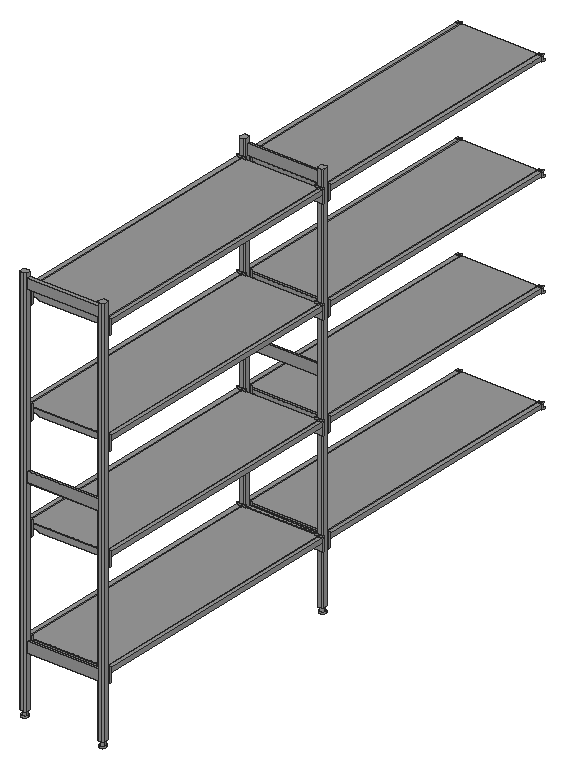
Revit family "QF_ZANUSSI_137066_ACS2372", category Attrezzature speciali, Revit 2020
Family settings
  Quota connettore circolare = Usa diametro
  Tipo di parte = Normale
  Basato su piano di lavoro = No
  Sempre verticale = Sì
  Taglio con vuoti quando caricato = No
  Condiviso = No
  Punto di calcolo locali = No
Parameters (values of type "Standard")
  Weight = 36.00 kg
  Watts = 0 W
  Volts = 0 V
  URL Manufacturer = "http://www.zanussiprofessional.com"
  URL = "http://www.zanussiprofessional.com"
  Steam Supply Size = 0 mm
  Steam Supply Minimum Pressure = 0.0 Pa
  Steam Supply Maximum Pressure = 0.0 Pa
  Steam Consumption per Hour = 0
  Refrigeration Suction Line Size = 0.0 mm
  Refrigeration Liquid Line Size = 0.0 mm
  Refrigerant Compressor Remote = yes
  Prospetto di default = 0.0 mm
  Phase = 0
  Modello = "ACS2372"
  Produttore = "Zanussi"
  Length Actual = 2376.0 mm  # constant formula
  Item Number = "137066"
  Hot Water Size = 0 mm
  Height Actual = 1700.0 mm  # constant formula
  HP = "0 HP"
  Gas Size = 0 mm
  Gas KW = 0
  Gas Input Pressure = 0 W
  Direct Waste Size = 0 mm
  Descrizione = "ALUM.CORNER SHELV.-POLY.TIERS-373X2376MM"
  Depth Actual = 373.0 mm  # constant formula
  Cycle = 0 Hz
  Condensate Return Size = 0 mm
  Compressed Air Volume = 0.0 L/s
  Compressed Air Size = 0 mm
  Compressed Air Pressure = 0.0 Pa
  Cold Water Size = 0 mm
  Accessory = yes
Reference planes
  plane 1: z = 0
  plane 2 "CenterLeft": y = -535.5
  plane 3 "FRONT": y = -921.5
  plane 4 "LEFT": x = 192.5
  plane 5 "RIGHT": x = 565.5
  plane 6 "TOP": z = 1700
  plane 7: y = -889.5
  plane 8: y = 262.5
  plane 9 "Center (Left/Back)": x = 379
  plane 10: x = 205
  plane 11: x = 515
  plane 12 "FEET": z = 25
  plane 13: z = 275
  plane 14: z = 725
  plane 15: z = 1175
  plane 16: z = 1625
  plane 17 "CXLeft": y = -907.5
  plane 18 "Center (Front/Back)": y = 280.5
  plane 19 "CYFront": x = 510
  plane 20: y = 1450.5
  plane 21: y = 298.5
  plane 22 "BACK": y = 1454.5
  plane 23 "LEFT_ORIGIN": x = 158.5
  plane 24 "BACK_ORIGIN": y = 1827.5
Forms (mm)
  Extrusion 1, solid, material "QF_Aluminum"
    sketch origin (38.022, -921.5, -4.006) x (-1, 0, 0) y (0, 0, 1)
      loop
        line (-189.5, 1637.003) -> (-173.5, 1637.003) -> (-173.5, 1655) -> (-175.493, 1655) -> (-175.493, 1648.501) -> (-506.5, 1648.501) -> (-506.5, 1655) -> (-508.5, 1655) -> (-508.5, 1637.003) -> (-492.5, 1637.003) -> (-458.5, 1625) -> (-223.5, 1625) -> (-189.5, 1637.003)
      loop
        line (-189.5, 1187.003) -> (-173.5, 1187.003) -> (-173.5, 1205) -> (-175.493, 1205) -> (-175.493, 1198.501) -> (-506.5, 1198.501) -> (-506.5, 1205) -> (-508.5, 1205) -> (-508.5, 1187.003) -> (-492.5, 1187.003) -> (-458.5, 1175) -> (-223.5, 1175) -> (-189.5, 1187.003)
      loop
        line (-189.5, 737.003) -> (-173.5, 737.003) -> (-173.5, 755) -> (-175.493, 755) -> (-175.493, 748.501) -> (-506.5, 748.501) -> (-506.5, 755) -> (-508.5, 755) -> (-508.5, 737.003) -> (-492.5, 737.003) -> (-458.5, 725) -> (-223.5, 725) -> (-189.5, 737.003)
      loop
        line (-189.5, 287.003) -> (-173.5, 287.003) -> (-173.5, 305) -> (-175.493, 305) -> (-175.493, 298.501) -> (-506.5, 298.501) -> (-506.5, 305) -> (-508.5, 305) -> (-508.5, 287.003) -> (-492.5, 287.003) -> (-458.5, 275) -> (-223.5, 275) -> (-189.5, 287.003)
    from 37 to 32
  Extrusion 2, solid, material "QF_Aluminum"
    sketch origin (38.022, -921.5, 0) x (-1, 0, 0) y (0, 0, 1)
      loop
        line (-154.478, 246.005) -> (-154.478, 307.993) -> (-190.471, 307.993) -> (-190.471, 246.005) -> (-154.478, 246.005)
      loop
        line (-527.478, 246.005) -> (-491.484, 246.005) -> (-491.484, 307.993) -> (-527.478, 307.993) -> (-527.478, 246.005)
      loop
        line (-154.478, 696.005) -> (-154.478, 757.993) -> (-190.471, 757.993) -> (-190.471, 696.005) -> (-154.478, 696.005)
      loop
        line (-527.478, 696.005) -> (-491.484, 696.005) -> (-491.484, 757.993) -> (-527.478, 757.993) -> (-527.478, 696.005)
      loop
        line (-154.478, 1146.005) -> (-154.478, 1207.993) -> (-190.471, 1207.993) -> (-190.471, 1146.005) -> (-154.478, 1146.005)
      loop
        line (-527.478, 1146.005) -> (-491.484, 1146.005) -> (-491.484, 1207.993) -> (-527.478, 1207.993) -> (-527.478, 1146.005)
      loop
        line (-154.478, 1596.005) -> (-154.478, 1657.993) -> (-190.471, 1657.993) -> (-190.471, 1596.005) -> (-154.478, 1596.005)
      loop
        line (-527.478, 1596.005) -> (-491.484, 1596.005) -> (-491.484, 1657.993) -> (-527.478, 1657.993) -> (-527.478, 1596.005)
    from 28 to 32
  Extrusion 3, solid, material "QF_Aluminum"
    sketch origin (38.022, -921.5, 0) x (-1, 0, 0) y (0, 0, 1)
      loop
        line (-154.5, 1650.994) -> (-173.5, 1650.994) -> (-173.5, 1632.998) -> (-154.5, 1632.998) -> (-154.5, 1650.994)
      loop
        line (-154.5, 1200.994) -> (-173.5, 1200.994) -> (-173.5, 1182.998) -> (-154.5, 1182.998) -> (-154.5, 1200.994)
      loop
        line (-154.5, 750.994) -> (-173.5, 750.994) -> (-173.5, 732.998) -> (-154.5, 732.998) -> (-154.5, 750.994)
      loop
        line (-154.5, 300.994) -> (-173.5, 300.994) -> (-173.5, 282.998) -> (-154.5, 282.998) -> (-154.5, 300.994)
      loop
        line (-527.455, 1650.994) -> (-527.455, 1632.998) -> (-508.455, 1632.998) -> (-508.455, 1650.994) -> (-527.455, 1650.994)
      loop
        line (-527.455, 1200.994) -> (-527.455, 1182.998) -> (-508.455, 1182.998) -> (-508.455, 1200.994) -> (-527.455, 1200.994)
      loop
        line (-527.455, 750.994) -> (-527.455, 732.998) -> (-508.455, 732.998) -> (-508.455, 750.994) -> (-527.455, 750.994)
      loop
        line (-527.455, 300.994) -> (-527.455, 282.998) -> (-508.455, 282.998) -> (-508.455, 300.994) -> (-527.455, 300.994)
    from 32 to 1184
  Extrusion 4, solid, material "QF_Polyethylene"
    sketch origin (38.022, -921.5, 0) x (-1, 0, 0) y (0, 0, 1)
      loop
        line (-175.493, 1650.994) -> (-506.5, 1650.994) -> (-506.5, 1644.496) -> (-175.493, 1644.496) -> (-175.493, 1650.994)
      loop
        line (-175.493, 1200.994) -> (-506.5, 1200.994) -> (-506.5, 1194.496) -> (-175.493, 1194.496) -> (-175.493, 1200.994)
      loop
        line (-175.493, 750.994) -> (-506.5, 750.994) -> (-506.5, 744.496) -> (-175.493, 744.496) -> (-175.493, 750.994)
      loop
        line (-175.493, 300.994) -> (-506.5, 300.994) -> (-506.5, 294.496) -> (-175.493, 294.496) -> (-175.493, 300.994)
    from 32 to 1184
  Extrusion 5, solid, material "QF_Aluminum"
    sketch origin (38.022, 684.5, 0) x (-1, 0, 0) y (0, 0, 1)
      loop
        line (-154.5, 1650.994) -> (-173.5, 1650.994) -> (-173.5, 1632.998) -> (-154.5, 1632.998) -> (-154.5, 1650.994)
      loop
        line (-508.5, 1650.994) -> (-527.455, 1650.994) -> (-527.455, 1632.998) -> (-508.5, 1632.998) -> (-508.5, 1650.994)
      loop
        line (-154.5, 1200.994) -> (-173.5, 1200.994) -> (-173.5, 1182.998) -> (-154.5, 1182.998) -> (-154.5, 1200.994)
      loop
        line (-508.5, 1200.994) -> (-527.455, 1200.994) -> (-527.455, 1182.998) -> (-508.5, 1182.998) -> (-508.5, 1200.994)
      loop
        line (-154.5, 750.994) -> (-173.5, 750.994) -> (-173.5, 732.998) -> (-154.5, 732.998) -> (-154.5, 750.994)
      loop
        line (-508.5, 750.994) -> (-527.455, 750.994) -> (-527.455, 732.998) -> (-508.5, 732.998) -> (-508.5, 750.994)
      loop
        line (-154.5, 300.994) -> (-173.5, 300.994) -> (-173.5, 282.998) -> (-154.5, 282.998) -> (-154.5, 300.994)
      loop
        line (-508.5, 300.994) -> (-527.455, 300.994) -> (-527.455, 282.998) -> (-508.5, 282.998) -> (-508.5, 300.994)
    from 766 to -386
  Extrusion 6, solid, material "QF_Polyethylene"
    sketch origin (38.022, 684.5, 0) x (-1, 0, 0) y (0, 0, 1)
      loop
        line (-175.493, 1650.994) -> (-506.5, 1650.994) -> (-506.5, 1644.496) -> (-175.493, 1644.496) -> (-175.493, 1650.994)
      loop
        line (-175.493, 1200.994) -> (-506.5, 1200.994) -> (-506.5, 1194.496) -> (-175.493, 1194.496) -> (-175.493, 1200.994)
      loop
        line (-175.493, 750.994) -> (-506.5, 750.994) -> (-506.5, 744.496) -> (-175.493, 744.496) -> (-175.493, 750.994)
      loop
        line (-175.493, 300.994) -> (-506.5, 300.994) -> (-506.5, 294.496) -> (-175.493, 294.496) -> (-175.493, 300.994)
    from 766 to -386
Lines and regions (mm)
  symbolic lines
    curve 1: line (205, -912.5, 1700) -> (515, -912.5, 1700)
    curve 2: line (515, -902.5, 1700) -> (205, -902.5, 1700)
    curve 3: line (192.5, -893.5, 1700) -> (192.5, 266.5, 1700)
    curve 4: line (565.5, -889.5, 1700) -> (565.5, 262.5, 1700)
    curve 5: line (192.5, 294.5, 1700) -> (192.5, 1454.5, 1700)
    curve 6: line (565.5, 294.5, 1700) -> (565.5, 1454.5, 1700)
    curve 7: line (211.522, 1450.5, 1700) -> (510.507, 1450.5, 1700)
    curve 8: line (211.522, 262.5, 1700) -> (510.507, 262.5, 1700)
    curve 9: line (510.507, 298.5, 1700) -> (211.522, 298.5, 1700)
    curve 10: line (211.522, -889.5, 1700) -> (510.507, -889.5, 1700)
    curve 11: line (211.522, -889.5, 1700) -> (211.522, 262.5, 1700)
    curve 12: line (546.478, 262.5, 1700) -> (546.478, -889.5, 1700)
    curve 13: line (211.522, 298.5, 1700) -> (211.522, 1450.5, 1700)
    curve 14: line (546.522, 652.5, 1700) -> (546.522, -145.5, 1700)
Dimensions and locks
  plane 3 "FRONT" to plane 2 "CenterLeft" = 386.0 mm
  locked: plane 6 "TOP" to level at 1700
  locked: plane 7 to plane 8 at 1152
  locked: plane 10 to plane 11 at 310
  plane 10 to plane 9 "Center (Left/Back)" to plane 11 = 174.0 mm, 136.0 mm
  equal spacing: plane 4 "LEFT", plane 9 "Center (Left/Back)", plane 5 "RIGHT"
  plane 12 "FEET" to level = 25.0 mm
  plane 6 "TOP" to plane 12 "FEET" = 1675.0 mm
  plane 13 to plane 12 "FEET" = 250.0 mm
  plane 14 to plane 13 = 450.0 mm
  plane 15 to plane 14 = 450.0 mm
  plane 16 to plane 15 = 450.0 mm
  plane 19 "CYFront" to Extrusion 1 sketch curve = 34.522 mm
  locked: plane 21 to plane 20 at 1152
  locked: plane 8 to plane 18 "Center (Front/Back)" at 18
  locked: plane 18 "Center (Front/Back)" to plane 21 at 18
  locked: plane 3 "FRONT" to plane 7 at 32
  locked: plane 4 "LEFT" to plane 5 "RIGHT" at 373
  locked: plane 23 "LEFT_ORIGIN" to plane 5 "RIGHT" at 407
  locked: plane 22 "BACK" to plane 24 "BACK_ORIGIN" at 373
  locked: plane 22 "BACK" to plane 3 "FRONT" at 2376
  aligned and locked: level to plane 1
  aligned and locked: Extrusion 1 to plane 7
  aligned and locked: plane 7 to Extrusion 2
  aligned and locked: Extrusion 4 to plane 7
  aligned and locked: plane 8 to Extrusion 4
  aligned and locked: Extrusion 3 to plane 7
  aligned and locked: plane 8 to Extrusion 3
  aligned and locked: Extrusion 1 sketch curve to Extrusion 1 sketch curve  (x3)
  aligned and locked: Extrusion 4 sketch curve to Extrusion 1  (x4)
  aligned and locked: Extrusion 5 sketch curve to Extrusion 5 sketch curve  (x2)
  aligned and locked: Extrusion 5 to plane 21  (x5)
  aligned and locked: Extrusion 6 to plane 21  (x5)
  aligned and locked: nested 2 to plane 18 "Center (Front/Back)"
  aligned and locked: nested 1 to plane 17 "CXLeft"
  aligned and locked: plane 7 to Extrusion 3  (x3)
  aligned and locked: Extrusion 3 to plane 8  (x4)
  aligned and locked: Extrusion 4 to plane 8  (x4)
  aligned and locked: plane 20 to Extrusion 5
  aligned and locked: plane 20 to Extrusion 6
  aligned and locked: Extrusion 5 to plane 20  (x3)
  aligned and locked: Extrusion 6 to plane 20  (x3)
  aligned and locked: plane 9 "Center (Left/Back)" to nested 2
  aligned and locked: nested 3 to plane 22 "BACK"
Automatic sketch dimensions
  curve 1 to plane 10 = 0.0 mm
  curve 1 to plane 11 = 0.0 mm
  curve 2 to plane 10 = 0.0 mm
  curve 2 to plane 11 = 0.0 mm
  curve 3 to plane 4 "LEFT" = 0.0 mm
  plane 7 to curve 10 = 0.0 mm
  curve 4 to plane 5 "RIGHT" = 0.0 mm
  plane 7 to curve 4 = 0.0 mm
  plane 8 to curve 8 = 0.0 mm
  plane 8 to curve 4 = 0.0 mm
  curve 6 to plane 5 "RIGHT" = 0.0 mm
  curve 5 to plane 4 "LEFT" = 0.0 mm
  curve 9 to plane 21 = 0.0 mm
  plane 20 to curve 7 = 0.0 mm
  plane 7 to curve 3 = 4.0 mm
  plane 17 "CXLeft" to curve 2 = 5.0 mm
  curve 1 to plane 17 "CXLeft" = 5.0 mm
  curve 3 to plane 8 = 4.0 mm
  curve 6 to plane 21 = 4.0 mm
  curve 5 to plane 21 = 4.0 mm
  curve 6 to plane 20 = 4.0 mm
  curve 5 to plane 20 = 4.0 mm
  plane 11 to curve 10 = 4.493 mm
  plane 11 to curve 9 = 4.493 mm
  plane 11 to curve 8 = 4.493 mm
  plane 11 to curve 7 = 4.493 mm
  curve 8 to plane 10 = 6.522 mm
  curve 7 to plane 10 = 6.522 mm
  Extrusion 1 sketch curve to plane 19 "CYFront" = 36.522 mm  (x4)
  Extrusion 1 sketch curve to plane 11 = 15.522 mm  (x4)
  Extrusion 1 sketch curve to plane 13 = 4.006 mm
  Extrusion 1 sketch curve to Extrusion 1 sketch curve = 34.0 mm  (x4)
  Extrusion 1 sketch curve to plane 14 = 4.006 mm
  Extrusion 1 sketch curve to plane 15 = 4.006 mm
  Extrusion 1 sketch curve to plane 16 = 4.006 mm
  Extrusion 1 sketch curve to plane 10 = 56.522 mm  (x4)
  Extrusion 1 sketch curve to plane 10 = 22.522 mm  (x4)
  plane 13 to Extrusion 1 sketch curve = 7.998 mm  (x2)
  Extrusion 1 sketch curve to Extrusion 1 sketch curve = 11.498 mm  (x4)
  Extrusion 1 sketch curve to Extrusion 1 sketch curve = 6.499 mm  (x8)
  plane 14 to Extrusion 1 sketch curve = 7.998 mm  (x2)
  plane 15 to Extrusion 1 sketch curve = 7.998 mm  (x2)
  plane 16 to Extrusion 1 sketch curve = 7.998 mm  (x2)
  Extrusion 2 sketch curve to plane 5 "RIGHT" = 0.0 mm  (x4)
  Extrusion 2 sketch curve to plane 4 "LEFT" = 0.0 mm  (x4)
  Extrusion 2 sketch curve to plane 11 = 14.507 mm  (x4)
  Extrusion 2 sketch curve to plane 10 = 23.493 mm  (x4)
  Extrusion 2 sketch curve to plane 13 = 28.995 mm  (x2)
  plane 13 to Extrusion 2 sketch curve = 32.993 mm  (x2)
  Extrusion 2 sketch curve to plane 14 = 28.995 mm  (x2)
  plane 14 to Extrusion 2 sketch curve = 32.993 mm  (x2)
  Extrusion 2 sketch curve to plane 15 = 28.995 mm  (x2)
  plane 15 to Extrusion 2 sketch curve = 32.993 mm  (x2)
  Extrusion 2 sketch curve to plane 16 = 28.995 mm  (x2)
  plane 16 to Extrusion 2 sketch curve = 32.993 mm  (x2)
  plane 13 to Extrusion 4 sketch curve = 19.496 mm
  Extrusion 4 sketch curve to Extrusion 4 sketch curve = 6.499 mm  (x4)
  plane 14 to Extrusion 4 sketch curve = 19.496 mm
  plane 15 to Extrusion 4 sketch curve = 19.496 mm
  plane 16 to Extrusion 4 sketch curve = 19.496 mm
  plane 5 "RIGHT" to Extrusion 5 sketch curve = 0.022 mm  (x4)
  Extrusion 5 sketch curve to plane 4 "LEFT" = 19.022 mm  (x4)
  Extrusion 5 sketch curve to plane 19 "CYFront" = 36.522 mm  (x2)
  plane 13 to Extrusion 5 sketch curve = 7.998 mm  (x2)
  Extrusion 5 sketch curve to Extrusion 5 sketch curve = 17.997 mm  (x8)
  plane 14 to Extrusion 5 sketch curve = 7.998 mm  (x2)
  plane 15 to Extrusion 5 sketch curve = 7.998 mm  (x2)
  plane 16 to Extrusion 5 sketch curve = 7.998 mm  (x2)
  Extrusion 6 sketch curve to plane 19 "CYFront" = 34.522 mm  (x4)
  plane 13 to Extrusion 6 sketch curve = 19.496 mm
  Extrusion 6 sketch curve to Extrusion 6 sketch curve = 6.499 mm  (x4)
  plane 14 to Extrusion 6 sketch curve = 19.496 mm
  plane 15 to Extrusion 6 sketch curve = 19.496 mm
  plane 16 to Extrusion 6 sketch curve = 19.496 mm
  plane 5 "RIGHT" to Extrusion 3 sketch curve = 0.022 mm  (x4)
  Extrusion 3 sketch curve to Extrusion 3 sketch curve = 19.0 mm  (x4)
  plane 14 to Extrusion 3 sketch curve = 7.998 mm  (x2)
  Extrusion 3 sketch curve to plane 10 = 6.522 mm  (x4)
  Extrusion 3 sketch curve to plane 4 "LEFT" = 0.022 mm  (x4)
  plane 13 to Extrusion 3 sketch curve = 25.994 mm  (x2)
  plane 13 to Extrusion 3 sketch curve = 7.998 mm  (x2)
  Extrusion 3 sketch curve to Extrusion 3 sketch curve = 17.997 mm  (x6)
  plane 15 to Extrusion 3 sketch curve = 7.998 mm  (x2)
  plane 16 to Extrusion 3 sketch curve = 7.998 mm  (x2)
  plane 7 to curve 12 = 0.0 mm
  plane 8 to curve 12 = 0.0 mm
  curve 4 to curve 12 = 19.022 mm
  Extrusion 1 sketch curve to plane 10 = 8.516 mm  (x4)
  Extrusion 1 sketch curve to plane 10 = 6.522 mm  (x2)
  Extrusion 1 sketch curve to Extrusion 1 sketch curve = 1.993 mm  (x2)
  Extrusion 4 sketch curve to plane 10 = 8.516 mm  (x4)
  Extrusion 5 sketch curve to plane 4 "LEFT" = 0.022 mm  (x4)
  Extrusion 6 sketch curve to plane 10 = 8.516 mm  (x4)
Nested families
  nested 1: "WT_Anta373" at (215.5, -504.5, 0) x (0, 1, 0) z (0, 0, 1), type "WT_Anta373"
  nested 2: "WT_Anta373Center" at (215.5, 683.5, 0) x (0, 1, 0) z (0, 0, 1), type "WT_Anta373Center"
  nested 3: "WT_Aggancio373" at (215.5, 1862.5, 0) x (0, 1, 0) z (0, 0, 1), type "WT_Aggancio373"
Definition of nested family "WT_Anta373"
  Parameters
    WidthLeft = A + 64.0 mm  # 772.0 mm
    Width = 1606.0 mm
    Right = WidthLeft / 2  # 386.0 mm
    Default Elevation = 0.0 mm
    Left = -WidthLeft / 2  # -386.0 mm
    Height = 1725.0 mm
    FEET = 25.0 mm
    E = 0.0 mm
    Dint = Depth - 63.0 mm  # 310.0 mm
    Dext = Depth - 8.0 mm  # 365.0 mm
    Depth = 373.0 mm
    DX = (WidthLeft - A) / 2  # 32.0 mm
    B = 798.0 mm
    A = 708.0 mm
  Reference planes
    plane 1: z = 0
    plane 2 "LEFT": x = -417
    plane 3 "BACK": y = 23
    plane 4 "FRONT": y = -350
    plane 5 "TOP": z = 1725
    plane 6 "Center (Front/Back)": y = -163.5
    plane 7: y = -8.5
    plane 8: y = -318.5
    plane 9 "FEET": z = 25
    plane 10: z = 275
    plane 11: z = 725
    plane 12: z = 1175
    plane 13: z = 1625
    plane 14 "CXLeft": x = -403
    plane 15: y = 5.5
    plane 16 "CYBack": y = 5.5
    plane 17 "CYFront": y = -332.5
    plane 18: x = -385.031
    plane 19: x = -380.031
  Forms (mm)
    Extrusion 1, solid
      sketch origin (0, 0, 0) x (1, 0, 0) y (0, 1, 0)
        loop
          line (-417, 13.246) -> (-417, -2.246) -> (-410.746, -8.5) -> (-395.254, -8.5) -> (-389, -2.246) -> (-389, 13.246) -> (-395.254, 19.5) -> (-410.746, 19.5) -> (-417, 13.246)
      from 1725 to 25
    Extrusion 2, solid
      sketch origin (-417, 0, 0) x (0, 1, 0) y (0, 0, 1)
        loop
          line (23, 246.005) -> (23, 307.993) -> (-12.993, 307.993) -> (-12.993, 246.005) -> (23, 246.005)
        loop
          line (-350, 246.005) -> (-314.007, 246.005) -> (-314.007, 307.993) -> (-350, 307.993) -> (-350, 246.005)
        loop
          line (23, 696.005) -> (23, 757.993) -> (-12.993, 757.993) -> (-12.993, 696.005) -> (23, 696.005)
        loop
          line (-350, 696.005) -> (-314.007, 696.005) -> (-314.007, 757.993) -> (-350, 757.993) -> (-350, 696.005)
        loop
          line (23, 1146.005) -> (23, 1207.993) -> (-12.993, 1207.993) -> (-12.993, 1146.005) -> (23, 1146.005)
        loop
          line (-350, 1146.005) -> (-314.007, 1146.005) -> (-314.007, 1207.993) -> (-350, 1207.993) -> (-350, 1146.005)
        loop
          line (23, 1596.005) -> (23, 1657.993) -> (-12.993, 1657.993) -> (-12.993, 1596.005) -> (23, 1596.005)
        loop
          line (-350, 1596.005) -> (-314.007, 1596.005) -> (-314.007, 1657.993) -> (-350, 1657.993) -> (-350, 1596.005)
      from 28 to 32
    Revolve 3, solid
      sketch origin (-403, 0, 0) x (0, 1, 0) y (0, 0, 1)
        loop
          line (5.5, 25) -> (5.5, 0) -> (19, 0) -> (19, 5) -> (14, 5) -> (14, 25) -> (5.5, 25)
        axis (5.5, 25) -> (5.5, 0)
      angle from 0 to 360
    Extrusion 4, solid
      sketch origin (-403, 0, 0) x (0, 1, 0) y (0, 0, 1)
        loop
          line (-8.5, 912.382) -> (-8.5, 957.374) -> (-318.5, 957.374) -> (-318.5, 912.382) -> (-8.5, 912.382)
        loop
          line (-8.5, 1662.244) -> (-8.5, 1707.236) -> (-318.5, 1707.236) -> (-318.5, 1662.244) -> (-8.5, 1662.244)
      from -5 to 5
    Revolve 5, solid
      sketch origin (-403, -627, 0) x (0, -1, 0) y (0, 0, 1)
        loop
          line (-294.5, 25) -> (-294.5, 0) -> (-281, 0) -> (-281, 5) -> (-286, 5) -> (-286, 25) -> (-294.5, 25)
        axis (-294.5, 25) -> (-294.5, 0)
      angle from 0 to 360
    Extrusion 6, solid
      sketch origin (0, -627, 0) x (1, 0, 0) y (0, 1, 0)
        loop
          line (-417, 286.754) -> (-410.746, 280.5) -> (-395.254, 280.5) -> (-389, 286.754) -> (-389, 302.246) -> (-395.254, 308.5) -> (-410.746, 308.5) -> (-417, 302.246) -> (-417, 286.754)
      from 1725 to 25
    Extrusion 7, solid
      sketch origin (-417.031, -0.022, 0) x (0, 1, 0) y (0, 0, -1)
        loop
          line (-12, -1632.998) -> (-46, -1620.994) -> (-281, -1620.994) -> (-315, -1632.998) -> (-331, -1632.998) -> (-331, -1650.994) -> (-329, -1650.994) -> (-329, -1644.496) -> (2.007, -1644.496) -> (2.007, -1650.994) -> (4, -1650.994) -> (4, -1632.998) -> (-12, -1632.998)
        loop
          line (-12, -1182.998) -> (-46, -1170.994) -> (-281, -1170.994) -> (-315, -1182.998) -> (-331, -1182.998) -> (-331, -1200.994) -> (-329, -1200.994) -> (-329, -1194.496) -> (2.007, -1194.496) -> (2.007, -1200.994) -> (4, -1200.994) -> (4, -1182.998) -> (-12, -1182.998)
        loop
          line (-12, -732.998) -> (-46, -720.994) -> (-281, -720.994) -> (-315, -732.998) -> (-331, -732.998) -> (-331, -750.994) -> (-329, -750.994) -> (-329, -744.496) -> (2.007, -744.496) -> (2.007, -750.994) -> (4, -750.994) -> (4, -732.998) -> (-12, -732.998)
        loop
          line (-12, -282.998) -> (-46, -270.994) -> (-281, -270.994) -> (-315, -282.998) -> (-331, -282.998) -> (-331, -300.994) -> (-329, -300.994) -> (-329, -294.496) -> (2.007, -294.496) -> (2.007, -300.994) -> (4, -300.994) -> (4, -282.998) -> (-12, -282.998)
      from -32 to -37
    Extrusion 8, solid
      sketch origin (-403, 0, -659.878) x (0, 1, 0) y (0, 0, 1)
        loop
          line (-8.5, 912.382) -> (-8.5, 957.374) -> (-318.5, 957.374) -> (-318.5, 912.382) -> (-8.5, 912.382)
        loop
          line (-8.5, 1572.382) -> (-8.5, 1617.374) -> (-318.5, 1617.374) -> (-318.5, 1572.382) -> (-8.5, 1572.382)
        loop
          line (-8.5, 2322.382) -> (-8.5, 2367.374) -> (-318.5, 2367.374) -> (-318.5, 2322.382) -> (-8.5, 2322.382)
      from -5 to 5
  Lines and regions (mm)
    symbolic lines
      curve 1: line (-408, -8.5, 1725) -> (-408, -318.5, 1725)
      curve 2: line (-398, -318.5, 1725) -> (-398, -8.5, 1725)
      curve 3: line (-395.254, -8.5, 1725) -> (-410.746, -8.5, 1725)
      curve 4: line (-417, -2.246, 1725) -> (-410.746, -8.5, 1725)
      curve 5: line (-417, 13.246, 1725) -> (-417, -2.246, 1725)
      curve 6: line (-410.746, 19.5, 1725) -> (-417, 13.246, 1725)
      curve 7: line (-395.254, 19.5, 1725) -> (-410.746, 19.5, 1725)
      curve 8: line (-389, 13.246, 1725) -> (-395.254, 19.5, 1725)
      curve 9: line (-395.254, -8.5, 1725) -> (-389, -2.246, 1725)
      curve 10: line (-395.254, -318.5, 1725) -> (-410.746, -318.5, 1725)
      curve 11: line (-417, -324.754, 1725) -> (-410.746, -318.5, 1725)
      curve 12: line (-410.746, -346.5, 1725) -> (-417, -340.246, 1725)
      curve 13: line (-395.254, -346.5, 1725) -> (-410.746, -346.5, 1725)
      curve 14: line (-389, -340.246, 1725) -> (-395.254, -346.5, 1725)
      curve 15: line (-395.254, -318.5, 1725) -> (-389, -324.754, 1725)
      curve 16: line (-389, -350, 1725) -> (-389, -314.007, 1725)
      curve 17: line (-389, -314.007, 1725) -> (-385, -314.007, 1725)
      curve 18: line (-389, 23, 1725) -> (-389, -12.993, 1725)
      curve 19: line (-389, -12.993, 1725) -> (-385, -12.993, 1725)
      curve 20: line (-417, -324.754, 1725) -> (-417, -340.246, 1725)
      curve 21: line (-385, -350, 1725) -> (-385, -314.007, 1725)
      curve 22: line (-385, -350, 1725) -> (-389, -350, 1725)
      curve 23: line (-385, 23, 1725) -> (-389, 23, 1725)
      curve 24: line (-385, -12.993, 1725) -> (-385, 23, 1725)
      curve 25: line (-385.031, -13.016, 1725) -> (-385.031, -314.029, 1725)
  Dimensions and locks
    "Height": plane 5 "TOP" to level
    "Depth": plane 3 "BACK" to plane 4 "FRONT"
    "Dint": plane 7 to plane 8
    equal spacing: plane 7, plane 6 "Center (Front/Back)", plane 8
    equal spacing: plane 3 "BACK", plane 6 "Center (Front/Back)", plane 4 "FRONT"
    plane 9 "FEET" to level = 25.0 mm
    plane 5 "TOP" to plane 9 "FEET" = 1700.0 mm
    plane 10 to plane 9 "FEET" = 250.0 mm
    plane 11 to plane 10 = 450.0 mm
    plane 12 to plane 11 = 450.0 mm
    plane 13 to plane 12 = 450.0 mm
    locked: plane 2 "LEFT" to plane 14 "CXLeft" at 14
    locked: plane 3 "BACK" to plane 16 "CYBack" at 17.5
    locked: plane 17 "CYFront" to plane 4 "FRONT" at 17.5
    locked: Revolve 3 sketch curve to Revolve 3 sketch curve at 8.5
    locked: Revolve 3 sketch curve to plane 16 "CYBack" at 13.5
    locked: Revolve 5 sketch curve to Revolve 5 sketch curve at 8.5
    aligned and locked: level to plane 1
    aligned and locked: curve 20 to Extrusion 6
    aligned and locked: plane 5 "TOP" to Extrusion 1
    aligned and locked: plane 5 "TOP" to Extrusion 6
    aligned and locked: Extrusion 7 sketch curve to Extrusion 7 sketch curve  (x3)
  Automatic sketch dimensions
    curve 16 to plane 4 "FRONT" = 0.0 mm
    curve 11 to plane 8 = 0.0 mm
    curve 9 to plane 7 = 0.0 mm
    curve 5 to plane 2 "LEFT" = 0.0 mm
    curve 23 to plane 3 "BACK" = 0.0 mm
    plane 4 "FRONT" to curve 13 = 3.5 mm
    curve 20 to plane 17 "CYFront" = 7.746 mm
    curve 20 to plane 8 = 6.254 mm
    plane 8 to curve 16 = 4.493 mm
    curve 24 to plane 18 = 0.031 mm
    curve 24 to plane 7 = 4.493 mm
    plane 7 to curve 5 = 6.254 mm
    curve 5 to plane 15 = 7.746 mm
    curve 6 to plane 3 "BACK" = 3.5 mm
    curve 21 to plane 18 = 0.031 mm
    plane 18 to curve 23 = 3.969 mm
    plane 18 to curve 16 = 3.969 mm
    curve 18 to curve 8 = 6.254 mm
    curve 18 to curve 3 = 6.254 mm
    curve 16 to curve 13 = 6.254 mm
    curve 16 to curve 15 = 6.254 mm
    plane 2 "LEFT" to curve 10 = 6.254 mm
    plane 2 "LEFT" to curve 7 = 6.254 mm
    plane 2 "LEFT" to curve 12 = 6.254 mm
    plane 2 "LEFT" to curve 3 = 6.254 mm
    curve 14 to plane 17 "CYFront" = 7.746 mm
    curve 15 to plane 8 = 6.254 mm
    plane 7 to curve 9 = 6.254 mm
    curve 8 to plane 15 = 7.746 mm
    curve 3 to curve 2 = 2.746 mm
    curve 1 to curve 10 = 2.746 mm
    Extrusion 1 sketch curve to plane 2 "LEFT" = 0.0 mm
    Extrusion 1 sketch curve to plane 7 = 0.0 mm
    plane 2 "LEFT" to Extrusion 1 sketch curve = 6.254 mm  (x2)
    plane 14 "CXLeft" to Extrusion 1 sketch curve = 7.746 mm  (x2)
    Extrusion 1 sketch curve to plane 3 "BACK" = 3.5 mm
    plane 18 to Extrusion 1 sketch curve = 3.969 mm
    plane 7 to Extrusion 1 sketch curve = 6.254 mm  (x2)
    Extrusion 1 sketch curve to plane 15 = 7.746 mm  (x2)
    Extrusion 2 sketch curve to plane 4 "FRONT" = 0.0 mm  (x4)
    Extrusion 2 sketch curve to plane 3 "BACK" = 0.0 mm  (x4)
    plane 8 to Extrusion 2 sketch curve = 4.493 mm  (x4)
    Extrusion 2 sketch curve to plane 7 = 4.493 mm  (x4)
    Extrusion 2 sketch curve to plane 10 = 28.995 mm  (x2)
    plane 10 to Extrusion 2 sketch curve = 32.993 mm  (x2)
    Extrusion 2 sketch curve to plane 11 = 28.995 mm  (x2)
    plane 11 to Extrusion 2 sketch curve = 32.993 mm  (x2)
    Extrusion 2 sketch curve to plane 12 = 28.995 mm  (x2)
    plane 12 to Extrusion 2 sketch curve = 32.993 mm  (x2)
    Extrusion 2 sketch curve to plane 13 = 28.995 mm  (x2)
    plane 13 to Extrusion 2 sketch curve = 32.993 mm  (x2)
    Revolve 3 sketch curve to plane 9 "FEET" = 0.0 mm  (x2)
    Revolve 3 sketch curve to plane 15 = 0.0 mm  (x2)
    Revolve 3 sketch curve to level = 0.0 mm
    level to Revolve 3 sketch curve = 5.0 mm
    Revolve 3 sketch curve to Revolve 3 sketch curve = 11.655 mm
    Extrusion 4 sketch curve to plane 8 = 0.0 mm  (x2)
    Extrusion 4 sketch curve to plane 7 = 0.0 mm  (x2)
    plane 11 to Extrusion 4 sketch curve = 187.382 mm
    Extrusion 4 sketch curve to Extrusion 4 sketch curve = 44.992 mm
    plane 13 to Extrusion 4 sketch curve = 37.244 mm
    Extrusion 4 sketch curve to plane 5 "TOP" = 17.764 mm
    Revolve 5 sketch curve to plane 9 "FEET" = 0.0 mm  (x2)
    Revolve 5 sketch curve to plane 17 "CYFront" = 0.0 mm  (x2)
    Revolve 5 sketch curve to level = 0.0 mm
    Revolve 5 sketch curve to plane 4 "FRONT" = 4.0 mm
    Revolve 5 sketch curve to Revolve 5 sketch curve = 5.0 mm
    level to Revolve 5 sketch curve = 11.655 mm
    Extrusion 6 sketch curve to plane 2 "LEFT" = 0.0 mm
    Extrusion 6 sketch curve to plane 8 = 0.0 mm
    Extrusion 6 sketch curve to plane 2 "LEFT" = 6.254 mm  (x2)
    Extrusion 6 sketch curve to plane 14 "CXLeft" = 7.746 mm  (x2)
    Extrusion 6 sketch curve to plane 4 "FRONT" = 3.5 mm
    Extrusion 6 sketch curve to plane 18 = 3.969 mm
    plane 8 to Extrusion 6 sketch curve = 6.254 mm  (x2)
    plane 17 "CYFront" to Extrusion 6 sketch curve = 7.746 mm  (x2)
    plane 17 "CYFront" to Extrusion 7 sketch curve = 1.478 mm  (x4)
    Extrusion 7 sketch curve to Extrusion 7 sketch curve = 2.0 mm
    plane 8 to Extrusion 7 sketch curve = 3.478 mm  (x4)
    Extrusion 7 sketch curve to plane 10 = 4.006 mm
    Extrusion 7 sketch curve to Extrusion 7 sketch curve = 34.0 mm  (x4)
    Extrusion 7 sketch curve to plane 11 = 4.006 mm
    Extrusion 7 sketch curve to plane 12 = 4.006 mm
    Extrusion 7 sketch curve to plane 13 = 4.006 mm
    Extrusion 7 sketch curve to plane 7 = 37.522 mm  (x4)
    Extrusion 7 sketch curve to plane 7 = 3.522 mm  (x4)
    plane 15 to Extrusion 7 sketch curve = 3.516 mm  (x4)
    plane 15 to Extrusion 7 sketch curve = 1.522 mm  (x4)
    plane 13 to Extrusion 7 sketch curve = 7.998 mm  (x2)
    Extrusion 7 sketch curve to Extrusion 7 sketch curve = 11.498 mm
    Extrusion 7 sketch curve to Extrusion 7 sketch curve = 6.499 mm  (x5)
    plane 12 to Extrusion 7 sketch curve = 25.994 mm  (x2)
    plane 12 to Extrusion 7 sketch curve = 7.998 mm  (x2)
    plane 11 to Extrusion 7 sketch curve = 25.994 mm  (x2)
    plane 11 to Extrusion 7 sketch curve = 7.998 mm  (x2)
    plane 10 to Extrusion 7 sketch curve = 25.994 mm  (x2)
    plane 10 to Extrusion 7 sketch curve = 7.998 mm  (x2)
    curve 25 to plane 18 = 0.0 mm
    plane 8 to curve 25 = 4.471 mm
    curve 25 to plane 7 = 4.516 mm
    Extrusion 8 sketch curve to plane 8 = 0.0 mm  (x3)
    Extrusion 8 sketch curve to plane 7 = 0.0 mm  (x3)
    Extrusion 8 sketch curve to plane 10 = 22.496 mm
    plane 10 to Extrusion 8 sketch curve = 22.496 mm
    plane 11 to Extrusion 8 sketch curve = 187.504 mm
    Extrusion 8 sketch curve to Extrusion 8 sketch curve = 44.992 mm
    plane 13 to Extrusion 8 sketch curve = 37.504 mm
    Extrusion 8 sketch curve to plane 5 "TOP" = 17.504 mm
Definition of nested family "WT_Anta373Center"
  Parameters
    WidthLeft = A + 64.0 mm  # 772.0 mm
    Width = 1606.0 mm
    Right = WidthLeft / 2  # 386.0 mm
    Default Elevation = 0.0 mm
    Left = -WidthLeft / 2  # -386.0 mm
    Height = 1725.0 mm
    FEET = 25.0 mm
    E = 0.0 mm
    Dint = Depth - 63.0 mm  # 310.0 mm
    Dext = Depth - 8.0 mm  # 365.0 mm
    Depth = 373.0 mm
    DX = (WidthLeft - A) / 2  # 32.0 mm
    B = 798.0 mm
    A = 708.0 mm
  Reference planes
    plane 1: z = 0
    plane 2 "L": x = -417
    plane 3 "BACK": y = 23
    plane 4 "FRONT": y = -350
    plane 5 "TOP": z = 1725
    plane 6 "Center (Front/Back)": y = -163.5
    plane 7: y = -8.5
    plane 8: y = -318.5
    plane 9 "FEET": z = 25
    plane 10: z = 275
    plane 11: z = 725
    plane 12: z = 1175
    plane 13: z = 1625
    plane 14 "CXLeft": x = -403
    plane 15: y = 5.5
    plane 16 "CYBack": y = 5.5
    plane 17 "CYFront": y = -332.5
    plane 18: x = -385.031
    plane 19 "RIGHT": x = -380.031
    plane 20: x = -420.969
    plane 21 "LEFT": x = -425.969
  Forms (mm)
    Extrusion 1, solid
      sketch origin (0, 0, 0) x (1, 0, 0) y (0, 1, 0)
        loop
          line (-417, 13.246) -> (-417, -2.246) -> (-410.746, -8.5) -> (-395.254, -8.5) -> (-389, -2.246) -> (-389, 13.246) -> (-395.254, 19.5) -> (-410.746, 19.5) -> (-417, 13.246)
      from 1725 to 25
    Extrusion 2, solid
      sketch origin (-417, 0, 0) x (0, 1, 0) y (0, 0, 1)
        loop
          line (23, 246.005) -> (23, 307.993) -> (-12.993, 307.993) -> (-12.993, 246.005) -> (23, 246.005)
        loop
          line (-350, 246.005) -> (-314.007, 246.005) -> (-314.007, 307.993) -> (-350, 307.993) -> (-350, 246.005)
        loop
          line (23, 696.005) -> (23, 757.993) -> (-12.993, 757.993) -> (-12.993, 696.005) -> (23, 696.005)
        loop
          line (-350, 696.005) -> (-314.007, 696.005) -> (-314.007, 757.993) -> (-350, 757.993) -> (-350, 696.005)
        loop
          line (23, 1146.005) -> (23, 1207.993) -> (-12.993, 1207.993) -> (-12.993, 1146.005) -> (23, 1146.005)
        loop
          line (-350, 1146.005) -> (-314.007, 1146.005) -> (-314.007, 1207.993) -> (-350, 1207.993) -> (-350, 1146.005)
        loop
          line (23, 1596.005) -> (23, 1657.993) -> (-12.993, 1657.993) -> (-12.993, 1596.005) -> (23, 1596.005)
        loop
          line (-350, 1596.005) -> (-314.007, 1596.005) -> (-314.007, 1657.993) -> (-350, 1657.993) -> (-350, 1596.005)
      from 28 to 32
    Revolve 3, solid
      sketch origin (-403, 0, 0) x (0, 1, 0) y (0, 0, 1)
        loop
          line (5.5, 25) -> (5.5, 0) -> (19, 0) -> (19, 5) -> (14, 5) -> (14, 25) -> (5.5, 25)
        axis (5.5, 25) -> (5.5, 0)
      angle from 0 to 360
    Extrusion 4, solid
      sketch origin (-403, 0, 0) x (0, 1, 0) y (0, 0, 1)
        loop
          line (-8.5, 912.382) -> (-8.5, 957.374) -> (-318.5, 957.374) -> (-318.5, 912.382) -> (-8.5, 912.382)
        loop
          line (-8.5, 1662.244) -> (-8.5, 1707.236) -> (-318.5, 1707.236) -> (-318.5, 1662.244) -> (-8.5, 1662.244)
      from -5 to 5
    Revolve 5, solid
      sketch origin (-403, -627, 0) x (0, -1, 0) y (0, 0, 1)
        loop
          line (-294.5, 25) -> (-294.5, 0) -> (-281, 0) -> (-281, 5) -> (-286, 5) -> (-286, 25) -> (-294.5, 25)
        axis (-294.5, 25) -> (-294.5, 0)
      angle from 0 to 360
    Extrusion 6, solid
      sketch origin (0, -627, 0) x (1, 0, 0) y (0, 1, 0)
        loop
          line (-417, 286.754) -> (-410.746, 280.5) -> (-395.254, 280.5) -> (-389, 286.754) -> (-389, 302.246) -> (-395.254, 308.5) -> (-410.746, 308.5) -> (-417, 302.246) -> (-417, 286.754)
      from 1725 to 25
    Extrusion 7, solid
      sketch origin (-417.031, -0.022, 0) x (0, 1, 0) y (0, 0, -1)
        loop
          line (-12, -1632.998) -> (-46, -1620.994) -> (-281, -1620.994) -> (-315, -1632.998) -> (-331, -1632.998) -> (-331, -1650.994) -> (-329, -1650.994) -> (-329, -1644.496) -> (2.007, -1644.496) -> (2.007, -1650.994) -> (4, -1650.994) -> (4, -1632.998) -> (-12, -1632.998)
        loop
          line (-12, -1182.998) -> (-46, -1170.994) -> (-281, -1170.994) -> (-315, -1182.998) -> (-331, -1182.998) -> (-331, -1200.994) -> (-329, -1200.994) -> (-329, -1194.496) -> (2.007, -1194.496) -> (2.007, -1200.994) -> (4, -1200.994) -> (4, -1182.998) -> (-12, -1182.998)
        loop
          line (-12, -732.998) -> (-46, -720.994) -> (-281, -720.994) -> (-315, -732.998) -> (-331, -732.998) -> (-331, -750.994) -> (-329, -750.994) -> (-329, -744.496) -> (2.007, -744.496) -> (2.007, -750.994) -> (4, -750.994) -> (4, -732.998) -> (-12, -732.998)
        loop
          line (-12, -282.998) -> (-46, -270.994) -> (-281, -270.994) -> (-315, -282.998) -> (-331, -282.998) -> (-331, -300.994) -> (-329, -300.994) -> (-329, -294.496) -> (2.007, -294.496) -> (2.007, -300.994) -> (4, -300.994) -> (4, -282.998) -> (-12, -282.998)
      from -32 to -37
    Extrusion 8, solid
      sketch origin (-403, 0, -659.878) x (0, 1, 0) y (0, 0, 1)
        loop
          line (-8.5, 912.382) -> (-8.5, 957.374) -> (-318.5, 957.374) -> (-318.5, 912.382) -> (-8.5, 912.382)
        loop
          line (-8.5, 1572.382) -> (-8.5, 1617.374) -> (-318.5, 1617.374) -> (-318.5, 1572.382) -> (-8.5, 1572.382)
        loop
          line (-8.5, 2322.382) -> (-8.5, 2367.374) -> (-318.5, 2367.374) -> (-318.5, 2322.382) -> (-8.5, 2322.382)
      from -5 to 5
    Extrusion 9, solid
      sketch origin (-389, 0, 0) x (0, 1, 0) y (0, 0, -1)
        loop
          line (23, -246.005) -> (-12.993, -246.005) -> (-12.993, -307.993) -> (23, -307.993) -> (23, -246.005)
        loop
          line (-350, -246.005) -> (-350, -307.993) -> (-314.007, -307.993) -> (-314.007, -246.005) -> (-350, -246.005)
        loop
          line (23, -696.005) -> (-12.993, -696.005) -> (-12.993, -757.993) -> (23, -757.993) -> (23, -696.005)
        loop
          line (-350, -696.005) -> (-350, -757.993) -> (-314.007, -757.993) -> (-314.007, -696.005) -> (-350, -696.005)
        loop
          line (23, -1146.005) -> (-12.993, -1146.005) -> (-12.993, -1207.993) -> (23, -1207.993) -> (23, -1146.005)
        loop
          line (-350, -1146.005) -> (-350, -1207.993) -> (-314.007, -1207.993) -> (-314.007, -1146.005) -> (-350, -1146.005)
        loop
          line (23, -1596.005) -> (-12.993, -1596.005) -> (-12.993, -1657.993) -> (23, -1657.993) -> (23, -1596.005)
        loop
          line (-350, -1596.005) -> (-350, -1657.993) -> (-314.007, -1657.993) -> (-314.007, -1596.005) -> (-350, -1596.005)
      from 28 to 32
    Extrusion 10, solid
      sketch origin (-388.969, -0.022, 0) x (0, 1, 0) y (0, 0, 1)
        loop
          line (-12, 1632.998) -> (4, 1632.998) -> (4, 1650.994) -> (2.007, 1650.994) -> (2.007, 1644.496) -> (-329, 1644.496) -> (-329, 1650.994) -> (-331, 1650.994) -> (-331, 1632.998) -> (-315, 1632.998) -> (-281, 1620.994) -> (-46, 1620.994) -> (-12, 1632.998)
        loop
          line (-12, 1182.998) -> (4, 1182.998) -> (4, 1200.994) -> (2.007, 1200.994) -> (2.007, 1194.496) -> (-329, 1194.496) -> (-329, 1200.994) -> (-331, 1200.994) -> (-331, 1182.998) -> (-315, 1182.998) -> (-281, 1170.994) -> (-46, 1170.994) -> (-12, 1182.998)
        loop
          line (-12, 732.998) -> (4, 732.998) -> (4, 750.994) -> (2.007, 750.994) -> (2.007, 744.496) -> (-329, 744.496) -> (-329, 750.994) -> (-331, 750.994) -> (-331, 732.998) -> (-315, 732.998) -> (-281, 720.994) -> (-46, 720.994) -> (-12, 732.998)
        loop
          line (-12, 282.998) -> (4, 282.998) -> (4, 300.994) -> (2.007, 300.994) -> (2.007, 294.496) -> (-329, 294.496) -> (-329, 300.994) -> (-331, 300.994) -> (-331, 282.998) -> (-315, 282.998) -> (-281, 270.994) -> (-46, 270.994) -> (-12, 282.998)
      from -32 to -37
  Lines and regions (mm)
    symbolic lines
      curve 1: line (-408, -8.5, 1725) -> (-408, -318.5, 1725)
      curve 2: line (-398, -318.5, 1725) -> (-398, -8.5, 1725)
      curve 3: line (-395.254, -8.5, 1725) -> (-410.746, -8.5, 1725)
      curve 4: line (-417, -2.246, 1725) -> (-410.746, -8.5, 1725)
      curve 5: line (-410.746, 19.5, 1725) -> (-417, 13.246, 1725)
      curve 6: line (-395.254, 19.5, 1725) -> (-410.746, 19.5, 1725)
      curve 7: line (-389, 13.246, 1725) -> (-395.254, 19.5, 1725)
      curve 8: line (-395.254, -8.5, 1725) -> (-389, -2.246, 1725)
      curve 9: line (-395.254, -318.5, 1725) -> (-410.746, -318.5, 1725)
      curve 10: line (-417, -324.754, 1725) -> (-410.746, -318.5, 1725)
      curve 11: line (-410.746, -346.5, 1725) -> (-417, -340.246, 1725)
      curve 12: line (-395.254, -346.5, 1725) -> (-410.746, -346.5, 1725)
      curve 13: line (-389, -340.246, 1725) -> (-395.254, -346.5, 1725)
      curve 14: line (-395.254, -318.5, 1725) -> (-389, -324.754, 1725)
      curve 15: line (-389, -350, 1725) -> (-389, -314.007, 1725)
      curve 16: line (-389, -314.007, 1725) -> (-385, -314.007, 1725)
      curve 17: line (-389, 23, 1725) -> (-389, -12.993, 1725)
      curve 18: line (-389, -12.993, 1725) -> (-385, -12.993, 1725)
      curve 19: line (-385, -350, 1725) -> (-385, -314.007, 1725)
      curve 20: line (-385, -350, 1725) -> (-389, -350, 1725)
      curve 21: line (-385, 23, 1725) -> (-389, 23, 1725)
      curve 22: line (-385, -12.993, 1725) -> (-385, 23, 1725)
      curve 23: line (-385.031, -13.016, 1725) -> (-385.031, -314.029, 1725)
      curve 24: line (-417, -350, 1725) -> (-417, -314.007, 1725)
      curve 25: line (-417, -314.007, 1725) -> (-421, -314.007, 1725)
      curve 26: line (-417, 23, 1725) -> (-417, -12.993, 1725)
      curve 27: line (-417, -12.993, 1725) -> (-421, -12.993, 1725)
      curve 28: line (-421, -350, 1725) -> (-421, -314.007, 1725)
      curve 29: line (-421, -350, 1725) -> (-417, -350, 1725)
      curve 30: line (-421, 23, 1725) -> (-417, 23, 1725)
      curve 31: line (-421, -12.993, 1725) -> (-421, 23, 1725)
      curve 32: line (-420.969, -13.016, 1725) -> (-420.969, -314.029, 1725)
  Dimensions and locks
    "Height": plane 5 "TOP" to level
    "Depth": plane 3 "BACK" to plane 4 "FRONT"
    "Dint": plane 7 to plane 8
    equal spacing: plane 7, plane 6 "Center (Front/Back)", plane 8
    equal spacing: plane 3 "BACK", plane 6 "Center (Front/Back)", plane 4 "FRONT"
    plane 9 "FEET" to level = 25.0 mm
    plane 5 "TOP" to plane 9 "FEET" = 1700.0 mm
    plane 10 to plane 9 "FEET" = 250.0 mm
    plane 11 to plane 10 = 450.0 mm
    plane 12 to plane 11 = 450.0 mm
    plane 13 to plane 12 = 450.0 mm
    locked: plane 3 "BACK" to plane 16 "CYBack" at 17.5
    locked: plane 17 "CYFront" to plane 4 "FRONT" at 17.5
    locked: Revolve 3 sketch curve to Revolve 3 sketch curve at 8.5
    locked: Revolve 3 sketch curve to plane 16 "CYBack" at 13.5
    locked: Revolve 5 sketch curve to Revolve 5 sketch curve at 8.5
    aligned and locked: level to plane 1
    aligned and locked: plane 5 "TOP" to Extrusion 1
    aligned and locked: plane 5 "TOP" to Extrusion 6
    aligned and locked: Extrusion 7 sketch curve to Extrusion 7 sketch curve  (x3)
    aligned and locked: Extrusion 10 sketch curve to Extrusion 10 sketch curve  (x3)
  Automatic sketch dimensions
    curve 15 to plane 4 "FRONT" = 0.0 mm
    curve 28 to plane 4 "FRONT" = 0.0 mm
    curve 9 to plane 8 = 0.0 mm
    curve 25 to plane 2 "L" = 0.0 mm
    curve 8 to plane 7 = 0.0 mm
    curve 17 to plane 3 "BACK" = 0.0 mm
    curve 30 to plane 3 "BACK" = 0.0 mm
    plane 4 "FRONT" to curve 11 = 3.5 mm
    curve 19 to plane 18 = 0.031 mm
    plane 8 to curve 19 = 4.493 mm
    plane 8 to curve 25 = 4.493 mm
    curve 27 to plane 20 = 0.031 mm
    curve 27 to plane 7 = 4.493 mm
    curve 17 to plane 7 = 4.493 mm
    curve 5 to plane 15 = 7.746 mm
    curve 7 to plane 3 "BACK" = 3.5 mm
    curve 18 to plane 18 = 0.031 mm
    plane 18 to curve 21 = 3.969 mm
    plane 18 to curve 20 = 3.969 mm
    curve 15 to curve 9 = 6.254 mm
    curve 17 to curve 7 = 6.254 mm
    curve 17 to curve 3 = 6.254 mm
    curve 15 to curve 12 = 6.254 mm
    plane 2 "L" to curve 12 = 6.254 mm
    plane 2 "L" to curve 4 = 6.254 mm
    plane 2 "L" to curve 10 = 6.254 mm
    plane 2 "L" to curve 5 = 6.254 mm
    curve 28 to plane 20 = 0.031 mm
    curve 13 to plane 17 "CYFront" = 7.746 mm
    curve 14 to plane 8 = 6.254 mm
    plane 7 to curve 8 = 6.254 mm
    curve 7 to plane 15 = 7.746 mm
    curve 9 to curve 2 = 2.746 mm
    curve 1 to curve 9 = 2.746 mm
    Extrusion 1 sketch curve to plane 2 "L" = 0.0 mm
    Extrusion 1 sketch curve to plane 7 = 0.0 mm
    plane 2 "L" to Extrusion 1 sketch curve = 6.254 mm  (x2)
    plane 14 "CXLeft" to Extrusion 1 sketch curve = 7.746 mm  (x2)
    Extrusion 1 sketch curve to plane 3 "BACK" = 3.5 mm
    plane 18 to Extrusion 1 sketch curve = 3.969 mm
    plane 7 to Extrusion 1 sketch curve = 6.254 mm  (x2)
    Extrusion 1 sketch curve to plane 15 = 7.746 mm  (x2)
    Extrusion 2 sketch curve to plane 4 "FRONT" = 0.0 mm  (x4)
    Extrusion 2 sketch curve to plane 3 "BACK" = 0.0 mm  (x4)
    plane 8 to Extrusion 2 sketch curve = 4.493 mm  (x4)
    Extrusion 2 sketch curve to plane 7 = 4.493 mm  (x4)
    Extrusion 2 sketch curve to plane 10 = 28.995 mm  (x2)
    plane 10 to Extrusion 2 sketch curve = 32.993 mm  (x2)
    Extrusion 2 sketch curve to plane 11 = 28.995 mm  (x2)
    plane 11 to Extrusion 2 sketch curve = 32.993 mm  (x2)
    Extrusion 2 sketch curve to plane 12 = 28.995 mm  (x2)
    plane 12 to Extrusion 2 sketch curve = 32.993 mm  (x2)
    Extrusion 2 sketch curve to plane 13 = 28.995 mm  (x2)
    plane 13 to Extrusion 2 sketch curve = 32.993 mm  (x2)
    Revolve 3 sketch curve to plane 9 "FEET" = 0.0 mm  (x2)
    Revolve 3 sketch curve to plane 15 = 0.0 mm  (x2)
    Revolve 3 sketch curve to level = 0.0 mm
    level to Revolve 3 sketch curve = 5.0 mm
    Revolve 3 sketch curve to Revolve 3 sketch curve = 11.655 mm
    Extrusion 4 sketch curve to plane 8 = 0.0 mm  (x2)
    Extrusion 4 sketch curve to plane 7 = 0.0 mm  (x2)
    plane 11 to Extrusion 4 sketch curve = 187.382 mm
    Extrusion 4 sketch curve to Extrusion 4 sketch curve = 44.992 mm
    plane 13 to Extrusion 4 sketch curve = 37.244 mm
    Extrusion 4 sketch curve to plane 5 "TOP" = 17.764 mm
    Revolve 5 sketch curve to plane 9 "FEET" = 0.0 mm  (x2)
    Revolve 5 sketch curve to plane 17 "CYFront" = 0.0 mm  (x2)
    Revolve 5 sketch curve to level = 0.0 mm
    Revolve 5 sketch curve to plane 4 "FRONT" = 4.0 mm
    Revolve 5 sketch curve to Revolve 5 sketch curve = 5.0 mm
    level to Revolve 5 sketch curve = 11.655 mm
    Extrusion 6 sketch curve to plane 2 "L" = 0.0 mm
    Extrusion 6 sketch curve to plane 8 = 0.0 mm
    Extrusion 6 sketch curve to plane 2 "L" = 6.254 mm  (x2)
    Extrusion 6 sketch curve to plane 14 "CXLeft" = 7.746 mm  (x2)
    Extrusion 6 sketch curve to plane 4 "FRONT" = 3.5 mm
    Extrusion 6 sketch curve to plane 18 = 3.969 mm
    plane 8 to Extrusion 6 sketch curve = 6.254 mm  (x2)
    plane 17 "CYFront" to Extrusion 6 sketch curve = 7.746 mm  (x2)
    plane 17 "CYFront" to Extrusion 7 sketch curve = 1.478 mm  (x4)
    Extrusion 7 sketch curve to Extrusion 7 sketch curve = 2.0 mm
    plane 8 to Extrusion 7 sketch curve = 3.478 mm  (x4)
    Extrusion 7 sketch curve to plane 10 = 4.006 mm
    Extrusion 7 sketch curve to Extrusion 7 sketch curve = 34.0 mm  (x4)
    Extrusion 7 sketch curve to plane 11 = 4.006 mm
    Extrusion 7 sketch curve to plane 12 = 4.006 mm
    Extrusion 7 sketch curve to plane 13 = 4.006 mm
    Extrusion 7 sketch curve to plane 7 = 37.522 mm  (x4)
    Extrusion 7 sketch curve to plane 7 = 3.522 mm  (x4)
    plane 15 to Extrusion 7 sketch curve = 3.516 mm  (x4)
    plane 15 to Extrusion 7 sketch curve = 1.522 mm  (x4)
    plane 13 to Extrusion 7 sketch curve = 7.998 mm  (x2)
    Extrusion 7 sketch curve to Extrusion 7 sketch curve = 11.498 mm
    Extrusion 7 sketch curve to Extrusion 7 sketch curve = 6.499 mm  (x5)
    plane 12 to Extrusion 7 sketch curve = 25.994 mm  (x2)
    plane 12 to Extrusion 7 sketch curve = 7.998 mm  (x2)
    plane 11 to Extrusion 7 sketch curve = 25.994 mm  (x2)
    plane 11 to Extrusion 7 sketch curve = 7.998 mm  (x2)
    plane 10 to Extrusion 7 sketch curve = 25.994 mm  (x2)
    plane 10 to Extrusion 7 sketch curve = 7.998 mm  (x2)
    curve 23 to plane 18 = 0.0 mm
    curve 32 to plane 20 = 0.0 mm
    plane 8 to curve 23 = 4.471 mm
    plane 8 to curve 32 = 4.471 mm
    curve 32 to plane 7 = 4.516 mm
    curve 23 to plane 7 = 4.516 mm
    Extrusion 8 sketch curve to plane 8 = 0.0 mm  (x3)
    Extrusion 8 sketch curve to plane 7 = 0.0 mm  (x3)
    Extrusion 8 sketch curve to plane 10 = 22.496 mm
    plane 10 to Extrusion 8 sketch curve = 22.496 mm
    plane 11 to Extrusion 8 sketch curve = 187.504 mm
    Extrusion 8 sketch curve to Extrusion 8 sketch curve = 44.992 mm
    plane 13 to Extrusion 8 sketch curve = 37.504 mm
    Extrusion 8 sketch curve to plane 5 "TOP" = 17.504 mm
    Extrusion 9 sketch curve to plane 4 "FRONT" = 0.0 mm  (x4)
    Extrusion 9 sketch curve to plane 3 "BACK" = 0.0 mm  (x4)
    plane 8 to Extrusion 9 sketch curve = 4.493 mm  (x4)
    Extrusion 9 sketch curve to plane 7 = 4.493 mm  (x4)
    plane 13 to Extrusion 9 sketch curve = 32.993 mm  (x2)
    Extrusion 9 sketch curve to plane 13 = 28.995 mm  (x2)
    plane 12 to Extrusion 9 sketch curve = 32.993 mm  (x2)
    Extrusion 9 sketch curve to plane 12 = 28.995 mm  (x2)
    plane 11 to Extrusion 9 sketch curve = 32.993 mm  (x2)
    Extrusion 9 sketch curve to plane 11 = 28.995 mm  (x2)
    plane 10 to Extrusion 9 sketch curve = 32.993 mm  (x2)
    Extrusion 9 sketch curve to plane 10 = 28.995 mm  (x2)
    plane 17 "CYFront" to Extrusion 10 sketch curve = 1.478 mm  (x4)
    Extrusion 10 sketch curve to Extrusion 10 sketch curve = 2.0 mm
    plane 8 to Extrusion 10 sketch curve = 3.478 mm  (x4)
    Extrusion 10 sketch curve to plane 10 = 4.006 mm
    Extrusion 10 sketch curve to Extrusion 10 sketch curve = 34.0 mm  (x4)
    Extrusion 10 sketch curve to plane 11 = 4.006 mm
    Extrusion 10 sketch curve to plane 12 = 4.006 mm
    Extrusion 10 sketch curve to plane 13 = 4.006 mm
    Extrusion 10 sketch curve to plane 7 = 37.522 mm  (x4)
    Extrusion 10 sketch curve to plane 7 = 3.522 mm  (x4)
    plane 15 to Extrusion 10 sketch curve = 3.516 mm  (x4)
    plane 15 to Extrusion 10 sketch curve = 1.522 mm  (x4)
    plane 10 to Extrusion 10 sketch curve = 7.998 mm  (x2)
    Extrusion 10 sketch curve to Extrusion 10 sketch curve = 11.498 mm  (x4)
    Extrusion 10 sketch curve to Extrusion 10 sketch curve = 6.499 mm  (x8)
    plane 11 to Extrusion 10 sketch curve = 7.998 mm  (x2)
    plane 12 to Extrusion 10 sketch curve = 7.998 mm  (x2)
    plane 13 to Extrusion 10 sketch curve = 7.998 mm  (x2)
    curve 4 to plane 2 "L" = 0.0 mm
    plane 7 to curve 4 = 6.254 mm
    curve 11 to plane 17 "CYFront" = 7.746 mm
    curve 10 to plane 8 = 6.254 mm
Definition of nested family "WT_Aggancio373"
  Parameters
    WidthLeft = A + 64.0 mm  # 772.0 mm
    Width = 1606.0 mm
    Right = WidthLeft / 2  # 386.0 mm
    Default Elevation = 0.0 mm
    Left = -WidthLeft / 2  # -386.0 mm
    Height = 1725.0 mm
    FEET = 25.0 mm
    E = 0.0 mm
    Dint = Depth - 63.0 mm  # 310.0 mm
    Dext = Depth - 8.0 mm  # 365.0 mm
    Depth = 373.0 mm
    DX = (WidthLeft - A) / 2  # 32.0 mm
    B = 798.0 mm
    A = 708.0 mm
  Reference planes
    plane 1: z = 0
    plane 2 "LEFT": x = -417
    plane 3 "BACK": y = 23
    plane 4 "FRONT": y = -350
    plane 5 "TOP": z = 1725
    plane 6 "Center (Front/Back)": y = -163.5
    plane 7: y = -8.5
    plane 8: y = -318.5
    plane 9 "FEET": z = 25
    plane 10: z = 275
    plane 11: z = 725
    plane 12: z = 1175
    plane 13: z = 1625
    plane 14: y = 5.5
    plane 15 "CYBack": y = 5.5
    plane 16 "CYFront": y = -332.5
  Forms (mm)
    Extrusion 1, solid
      sketch origin (-380, -0.022, 0) x (0, 1, 0) y (0, 0, 1)
        loop
          line (-12, 1632.998) -> (4, 1632.998) -> (4, 1650.994) -> (2.007, 1650.994) -> (2.007, 1644.496) -> (-329, 1644.496) -> (-329, 1650.994) -> (-331, 1650.994) -> (-331, 1632.998) -> (-315, 1632.998) -> (-281, 1620.994) -> (-46, 1620.994) -> (-12, 1632.998)
        loop
          line (-12, 1182.998) -> (4, 1182.998) -> (4, 1200.994) -> (2.007, 1200.994) -> (2.007, 1194.496) -> (-329, 1194.496) -> (-329, 1200.994) -> (-331, 1200.994) -> (-331, 1182.998) -> (-315, 1182.998) -> (-281, 1170.994) -> (-46, 1170.994) -> (-12, 1182.998)
        loop
          line (-12, 732.998) -> (4, 732.998) -> (4, 750.994) -> (2.007, 750.994) -> (2.007, 744.496) -> (-329, 744.496) -> (-329, 750.994) -> (-331, 750.994) -> (-331, 732.998) -> (-315, 732.998) -> (-281, 720.994) -> (-46, 720.994) -> (-12, 732.998)
        loop
          line (-12, 282.998) -> (4, 282.998) -> (4, 300.994) -> (2.007, 300.994) -> (2.007, 294.496) -> (-329, 294.496) -> (-329, 300.994) -> (-331, 300.994) -> (-331, 282.998) -> (-315, 282.998) -> (-281, 270.994) -> (-46, 270.994) -> (-12, 282.998)
      from -32 to -37
    Extrusion 2, solid
      sketch origin (-793.062, -324.754, 6.5) x (1, 0, 0) y (0, 0, 1)
        loop
          line (385.062, 1644.496) -> (385.062, 1647.496) -> (376.062, 1647.496) -> (376.062, 1620.994) -> (390.031, 1620.994) -> (390.031, 1626.496) -> (381.062, 1626.496) -> (381.062, 1644.496) -> (385.062, 1644.496)
        loop
          line (385.062, 1194.496) -> (385.062, 1197.496) -> (376.062, 1197.496) -> (376.062, 1170.994) -> (390.031, 1170.994) -> (390.031, 1176.496) -> (381.062, 1176.496) -> (381.062, 1194.496) -> (385.062, 1194.496)
        loop
          line (385.062, 744.496) -> (385.062, 747.496) -> (376.062, 747.496) -> (376.062, 720.994) -> (390.031, 720.994) -> (390.031, 726.496) -> (381.062, 726.496) -> (381.062, 744.496) -> (385.062, 744.496)
        loop
          line (385.062, 294.496) -> (385.062, 297.496) -> (376.062, 297.496) -> (376.062, 270.994) -> (390.031, 270.994) -> (390.031, 276.496) -> (381.062, 276.496) -> (381.062, 294.496) -> (385.062, 294.496)
      from 6.268 to 25.246
    Extrusion 3, solid
      sketch origin (-793.062, 32.754, 6.5) x (1, 0, 0) y (0, 0, 1)
        loop
          line (385.062, 1644.496) -> (385.062, 1647.496) -> (376.062, 1647.496) -> (376.062, 1620.994) -> (390.031, 1620.994) -> (390.031, 1626.496) -> (381.062, 1626.496) -> (381.062, 1644.496) -> (385.062, 1644.496)
        loop
          line (385.062, 1194.496) -> (385.062, 1197.496) -> (376.062, 1197.496) -> (376.062, 1170.994) -> (390.031, 1170.994) -> (390.031, 1176.496) -> (381.062, 1176.496) -> (381.062, 1194.496) -> (385.062, 1194.496)
        loop
          line (385.062, 744.496) -> (385.062, 747.496) -> (376.062, 747.496) -> (376.062, 720.994) -> (390.031, 720.994) -> (390.031, 726.496) -> (381.062, 726.496) -> (381.062, 744.496) -> (385.062, 744.496)
        loop
          line (385.062, 294.496) -> (385.062, 297.496) -> (376.062, 297.496) -> (376.062, 270.994) -> (390.031, 270.994) -> (390.031, 276.496) -> (381.062, 276.496) -> (381.062, 294.496) -> (385.062, 294.496)
      from 9.754 to 28.776
  Lines and regions (mm)
    symbolic lines
      curve 1: line (-412, -350, 0) -> (-408, -350, 0)
      curve 2: line (-412, -331.022, 0) -> (-412, -350, 0)
      curve 3: line (-408, -331.022, 0) -> (-412, -331.022, 0)
      curve 4: line (-408, -350, 0) -> (-408, -331.022, 0)
      curve 5: line (-412, 3.978, 0) -> (-408, 3.978, 0)
      curve 6: line (-412, 23, 0) -> (-412, 3.978, 0)
